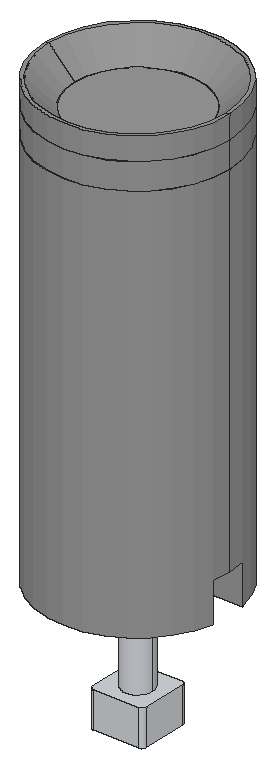
Revit family "Alcon-13313-Linear-Revit Family", category Generic Models, host Face, Revit 2023
Family settings
  Host = Face
  Can host rebar = No
  Round Connector Dimension = Use Diameter
  Part Type = Normal
  Cut with Voids When Loaded = No
  Maintain Annotation Orientation = No
  Shared = No
  Room Calculation Point = No
Parameters
  URL = "https://www.alconlighting.com/"
  Product Page = "https://www.alconlighting.com/13313.html"
  Model = "13313"
  Manufacturer = "Alcon Lighting"
  Housing = none
  Fixture Rotation = 90.00°
  Default Elevation = 4' - 0"
Reference planes (in)
  plane 1 "Center (Front/Back)": y = 0
  plane 2: z = 0
  plane 3 "Center (Left/Right)": x = 0
Forms (in)
  Extrusion 1, solid, material <- "Housing"
    sketch origin (0, 0, 0) x (1, 0, 0) y (0, 1, 0)
      loop
        arc (-0.3125, 0.375) -> (-0.35669, 0.35669) -> (-0.375, 0.3125) r 0.0625
        line (-0.375, 0.3125) -> (-0.375, -0.3125)
        arc (-0.375, -0.3125) -> (-0.35669, -0.35669) -> (-0.3125, -0.375) r 0.0625
        line (-0.3125, -0.375) -> (0.3125, -0.375)
        arc (0.3125, -0.375) -> (0.35669, -0.35669) -> (0.375, -0.3125) r 0.0625
        line (0.375, -0.3125) -> (0.375, 0.3125)
        arc (0.375, 0.3125) -> (0.35669, 0.35669) -> (0.3125, 0.375) r 0.0625
        line (0.3125, 0.375) -> (-0.3125, 0.375)
    from 0 to 0.5
  Extrusion 2, solid, material <- "Housing"
    sketch origin (0.01712, 0.03018, 0.5) x (1, 0, 0) y (0, 1, 0)
      loop
        circle (-0.01712, -0.03018) r 0.2038
    from 0 to 1.81641
Lines and regions (in)
  reference lines
    curve 1: line (-6.0292, 0, 2.20703) -> (5.4708, 0, 2.20703)
Dimensions and locks (in)
  "Fixture Rotation": angle curve 1 to nested 1
  aligned and locked: plane 2 to host face
  aligned and locked: level to host face
Automatic sketch dimensions
  host sketch curve to host sketch curve = 8' - 0"  (x2)
  Extrusion 1 sketch curve to plane 3 "Center (Left/Right)" = 0' - 0 3/8"
  Extrusion 1 sketch curve to Extrusion 1 sketch curve = 0' - 0 1/16"  (x3)
  plane 3 "Center (Left/Right)" to Extrusion 1 sketch curve = 0' - 0 5/16"  (x2)
  plane 1 "Center (Front/Back)" to Extrusion 1 sketch curve = 0' - 0 3/8"
  Extrusion 1 sketch curve to plane 1 "Center (Front/Back)" = 0' - 0 5/16"
  Extrusion 2 sketch curve to Extrusion 1 = 0' - 0 3/8"  (x2)
  level to curve 1 = 0' - 2 53/256"
  curve 1 to plane 3 "Center (Left/Right)" = 0' - 6.0292"
  plane 3 "Center (Left/Right)" to curve 1 = 0' - 5.4708"
  radius of Extrusion 2 sketch curve = 0' - 0.2038"
Nested families (in)
  nested 1: "Alcon-13313-Linear-Cylider" at (0, 0, 2.20703) x (0, 0, -1) z (0, -1, 0), type "Alcon-13313-Linear-Cylider"
    with built-in parameter 1001306 0.26106 (stored number, unit not read)
  nested 2: "Alcon-13313-Linear-IES" at (0, 0, 7.70703), type "Alcon-13313-Linear-IES"
Definition of nested family "Alcon-13313-Linear-Cylider"
  Parameters (values of type "Alcon-13313-Linear-Cylider")
    Translucent Lens = none
    built-in parameter 1001306 [instance] = 4' - 0"
    Housing = none
    Default Elevation = 0' - 0"
  Reference planes (in)
    plane 1 "Center (Front/Back)": y = 0
    plane 2: z = 0
    plane 3 "Left": x = 0
    plane 4 "Right": x = 48
  Forms (in)
    Revolve 1, solid, material <- "Housing"
      sketch origin (0, 0, 0) x (1, 0, 0) y (0, 1, 0)
        loop
          line (0.39453, 0) -> (0.39453, 1.28125) -> (-5.16406, 1.28125) -> (-5.16406, 1.23437) -> (-5.54297, 1.23437) -> (-5.54297, 1.28125) -> (-5.85547, 1.28125) -> (-5.85547, 1.23437) -> (-5.5, 0.87891) -> (-4.75391, 0.87891) -> (-4.75391, 0) -> (0.39453, 0)
        loop
          line (-5.53516, 1.24219) -> (-5.17187, 1.24219) -> (-5.17187, 1.28125) -> (-5.53516, 1.28125) -> (-5.53516, 1.24219)
        axis (0.39453, 0) -> (-5.85547, 0)
      angle from 0 to 360
    Extrusion 2, solid, material <- "Translucent Lens"
      sketch origin (-4.75391, 0, 0) x (0, 1, 0) y (0, 0, -1)
        loop
          circle (0, 0) r 0.87891
      from 0.65397 to 0.74609
    Extrusion 3, void
      sketch origin (0, 0, 0) x (1, 0, 0) y (0, 0, 1)
        loop
          line (-0.16016, -0.25586) -> (0.39453, -0.25586) -> (0.39453, 0.25586) -> (-0.16016, 0.25586) -> (-0.16016, -0.25586)
      from -1.3125 to 0.26953
  Cuts and joins
    Extrusion 3 cuts Revolve 1
  Lines and regions (in)
    reference lines
      curve 1: line (0, 0, 0) -> (48, 0, 0)
    model lines
      curve 2: line (0, 0, 0) -> (-33.5, 0, 0)
  Dimensions and locks (in)
    "built-in parameter 1001306": plane 3 "Left" to plane 4 "Right"
    aligned and locked: plane 4 "Right" to curve 1
    aligned and locked: plane 1 "Center (Front/Back)" to curve 1
    aligned and locked: plane 3 "Left" to curve 1
    aligned and locked: level to plane 2
  Automatic sketch dimensions
    plane 1 "Center (Front/Back)" to Revolve 1 sketch curve = 0' - 0"  (x2)
    Revolve 1 sketch curve to plane 1 "Center (Front/Back)" = 0' - 1 9/32"
    Revolve 1 sketch curve to plane 3 "Left" = 0' - 5 219/256"
    Revolve 1 sketch curve to Revolve 1 sketch curve = 0' - 0 5/16"
    Revolve 1 sketch curve to Revolve 1 sketch curve = 0' - 0 1/128"  (x3)
    Revolve 1 sketch curve to plane 1 "Center (Front/Back)" = 0' - 0 225/256"
    Revolve 1 sketch curve to Revolve 1 sketch curve = 0' - 0 11/256"
    Revolve 1 sketch curve to Revolve 1 sketch curve = 0' - 0 93/256"
    Revolve 1 sketch curve to Revolve 1 sketch curve = 0' - 0 191/256"
    plane 3 "Left" to Revolve 1 sketch curve = 0' - 0 101/256"
    Revolve 1 sketch curve to Revolve 1 sketch curve = 0' - 0 3/64"  (x2)
    Revolve 1 sketch curve to Revolve 1 sketch curve = 0' - 0 5/128"
    Revolve 1 sketch curve to Revolve 1 sketch curve = 0' - 0"
    Revolve 1 sketch curve to Revolve 1 sketch curve = 0' - 0.5597"
    Revolve 1 sketch curve to Revolve 1 sketch curve = 0' - 0.14376"
    Extrusion 3 sketch curve to plane 3 "Left" = 0' - 0 41/256"
    plane 3 "Left" to Extrusion 3 sketch curve = 0' - 0 101/256"
    Extrusion 3 sketch curve to level = 0' - 0.25586"
    level to Extrusion 3 sketch curve = 0' - 0.25586"
    plane 1 "Center (Front/Back)" to curve 2 = 0' - 0"
    curve 2 to plane 3 "Left" = 0' - 0"
    curve 2 to curve 2 = 2' - 9 1/2"
    radius of Extrusion 2 sketch curve to Revolve 1 = 0' - 0"
Definition of nested family "Alcon-13313-Linear-IES"
  Parameters (values of type "Alcon-13313-Linear-IES")
    Wattage = 9.2903 W
    built-in parameter 1150110 = 1 (stored number, unit not read)
    built-in parameter 1114217 = 1 (stored number, unit not read)
    Tilt Angle = -90.00°
    built-in parameter 1150109 = 1 (stored number, unit not read)
    built-in parameter 1150134 = 3
    built-in parameter 1150113 = 1 (stored number, unit not read)
    built-in parameter 1010507 = 1.5708 (stored number, unit not read)
    built-in parameter 1010506 = 0.5236 (stored number, unit not read)
    built-in parameter 1150105 = 4614.1 (stored number, unit not read)
    Lumens = 1380 lm
    built-in parameter 1150115 = 1 (stored number, unit not read)
    Light Source Symbol Length = 1' - 0"
    built-in parameter 1150137 = (empty or 0)
    built-in parameter 1150139 = (empty or 0)
    built-in parameter 1150112 = 1 (stored number, unit not read)
    built-in parameter 1150114 = 1 (stored number, unit not read)
    built-in parameter 1150132 = 2
    built-in parameter 1150102 = (empty or 0)
    built-in parameter 1150107 = 3200 (stored number, unit not read)
    built-in parameter 1150138 = (empty or 0)
    built-in parameter 1150106 = 46.141 (stored number, unit not read)
    Emit from Circle Diameter = 0' - 1 97/128"
    Emit Shape Visible in Rendering = yes
    built-in parameter 1150104 = 13.8 (stored number, unit not read)
    Dimming Lamp Color Temperature Shift = (empty or 0)
    Default Elevation = 4' - 0"
    Color Filter = 16777215
    built-in parameter 1114218 = 1 (stored number, unit not read)
    built-in parameter 1150133 = 10 (stored number, unit not read)
  Reference planes (in)
    plane 1 "Center (Front/Back)": y = 0
    plane 2: z = 0
    plane 3 "Center (Left/Right)": x = 0
  Forms (in)
    Extrusion 1, solid
      sketch origin (0, 0, 0) x (1, 0, 0) y (0, 1, 0)
        loop
          line (-48, 48) -> (-48, -48) -> (48, -48) -> (48, 48) -> (-48, 48)
      from 0 to -12
  Dimensions and locks (in)
    aligned and locked: plane 2 to Extrusion 1
    aligned and locked: level to Extrusion 1
